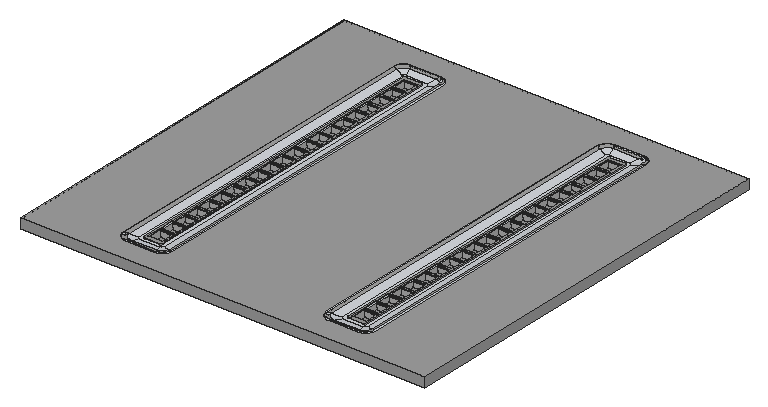
Revit family "0044001 Sylvania Lighting Fixture OptiClip 600 4000K C8 WH DALI WHITE", category Lighting Fixtures, host Face, Revit 2016
Family settings
  Host = Face
  Part Type = Normal
  Round Connector Dimension = Use Diameter
  OmniClass Number = 23.80.70.00
  OmniClass Title = Lighting
  Cut with Voids When Loaded = No
  Light Source = Yes
  Shared = No
  Room Calculation Point = No
Parameters (values of type "Type Name")
  spacer height = 5 mm
  spacer centres = 1000 mm
  height = 14.63 mm
  cut out width = 590 mm
  cut out length = 590 mm
  Width = 595 mm
  Weight = ""
  Wattage Comments = ""
  Wattage = 9.2903 W
  WarrantyStartDate [instance] = "n/a"
  WarrantyGuarantorParts = "n/a"
  WarrantyDurationUnit = "n/a"
  WarrantyDurationParts = "n/a"
  WarrantyDescription = "n/a"
  built-in parameter 1150110 = 1 (stored number, unit not read)
  Voltage = 0 V
  URL = "http://www.feilosylvania.com"
  TypeName = ""
  Type Image = <None>
  Type Comments = "n/a"
  built-in parameter 1114217 = 1 (stored number, unit not read)
  Tilt Angle = 90.00°
  built-in parameter 1150109 = 1 (stored number, unit not read)
  built-in parameter 1150134 = 3
  built-in parameter 1150113 = 1 (stored number, unit not read)
  SerialNumber [instance] = "n/a"
  Photometric Web File = "0044001.ies"
  Material_3_FEILO = none
  PowerFactor = 0
  PowerConsumption = ""
  NominalLength = 0 mm
  NominalHeight = 0 mm
  NominalDepth = 0 mm
  Name = ""
  ModelReference = Name  # ""
  ModelNumber = ""
  Model = Name  # ""
  Material = ""
  ManufacturerName = "Feilo Sylvania"
  Manufacturer = "Feilo Sylvania"
  LuminousEfficacy = ""
  built-in parameter 1150105 = 109.82 (stored number, unit not read)
  Lumens = 1380 lm
  LuminaireType = ""
  built-in parameter 1150115 = 1 (stored number, unit not read)
  LightOutputRatio = ""
  built-in parameter 1150137 = (empty or 0)
  built-in parameter 1150139 = (empty or 0)
  Length = 595 mm
  LampsType = Lamp  # ""
  LampNominalLuminous = ""
  LampMacAdamStep = ""
  LampColourTemperature = ""
  LampColourRenderingIndex = ""
  built-in parameter 1150112 = 1 (stored number, unit not read)
  built-in parameter 1150114 = 1 (stored number, unit not read)
  Lamp = ""
  Keynote = "16500"
  InstallationDate [instance] = "n/a"
  InputVoltage = ""
  InputNominalFrequency = ""
  built-in parameter 1150132 = (empty or 0)
  built-in parameter 1150102 = (empty or 0)
  built-in parameter 1150107 = 3200 (stored number, unit not read)
  built-in parameter 1150138 = (empty or 0)
  IngressProtection = ""
  ImpactProtectionIndex = ""
  built-in parameter 1150106 = 1.0982 (stored number, unit not read)
  IfcExportType = "IfcLightFixtureType"
  IfcExportAs = "IfcLightFixtureType"
  Height = 50 mm
  ExpectedLife = 50000
  Emit from Circle Diameter = 609.6 mm
  Emit Shape Visible in Rendering = no
  ElectricShockClassification = ""
  built-in parameter 1150104 = 13.8 (stored number, unit not read)
  DurationUnit = "hours"
  DocumentationLiterature = ""
  DimmingControlOptions = ""
  Material_2_FEILO = none
  Dimming Lamp Color Temperature Shift = <None>
  Description = ""
  Default Elevation = 1219.2 mm
  CreatedOn = ""
  CreatedBy = ""
  Cost = 0
  Color Filter = 16777215
  built-in parameter 1114216 [instance] = (empty or 0)
  ClassificationValue = "EF_70_80"
  ClassificationName = "Uniclass2015"
  Material_1_FEILO = none
  BarCode [instance] = "n/a"
  built-in parameter 1114218 = 1 (stored number, unit not read)
  built-in parameter 1150133 = 10 (stored number, unit not read)
  AssetType = ""
  AssetIdentifier [instance] = "n/a"
  Assembly Code = "D5020200"
  Apparent Load = 0 VA
  Material_4_FEILO = none
Reference planes
  plane 1 "Center (Front/Back)": y = 0
  plane 2: z = 0
  plane 3 "Center (Left/Right)": x = 0
  plane 4: z = 0
  plane 5: y = 297.5
  plane 6: y = -297.5
  plane 7: x = -297.5
  plane 8: x = 297.5
  plane 9: x = -295
  plane 10: x = 295
  plane 11: y = 295
  plane 12: y = -295
  plane 13: z = -14.63
  plane 14: y = 296.5
  plane 15: x = -296.5
  plane 16: x = 296.5
  plane 17: y = -296.5
  plane 18: x = -185
  plane 19: x = -113
  plane 20: y = -246.5
  plane 21: x = -184
  plane 22: y = 262
  plane 23: x = -114
  plane 24: y = -262
  plane 25: y = 245.5
  plane 26: y = -245.345
  plane 27: x = -160
  plane 28: x = -138
  plane 29: y = 236.5
  plane 30: y = -236.345
  plane 31: y = 213.35
  plane 32: y = 212.35
  plane 33: y = 190.95
  plane 34: y = 189.95
  plane 35: y = 168.595
  plane 36: y = 167.595
  plane 37: y = 146.15
  plane 38: y = 145.15
  plane 39: y = 123.75
  plane 40: y = 122.75
  plane 41: y = 101.35
  plane 42: y = 100.35
  plane 43: y = 78.95
  plane 44: y = 77.95
  plane 45: y = 56.576
  plane 46: y = 55.576
  plane 47: y = 34.15
  plane 48: y = 33.15
  plane 49: y = 11.75
  plane 50: y = 10.75
  plane 51: y = -10.65
  plane 52: y = -11.65
  plane 53: y = -33.05
  plane 54: y = -34.05
  plane 55: y = -55.45
  plane 56: y = -56.45
  plane 57: y = -77.805
  plane 58: y = -78.805
  plane 59: y = -100.25
  plane 60: y = -101.25
  plane 61: y = -122.65
  plane 62: y = -123.65
  plane 63: y = -145.05
  plane 64: y = -146.05
  plane 65: y = -167.45
  plane 66: y = -168.416
  plane 67: y = -189.816
  plane 68: y = -190.816
  plane 69: y = -212.216
  plane 70: y = -213.216
  plane 71: y = -234.616
  plane 72: x = -159.5
  plane 73: x = -138.539
  plane 74: y = 230.05
  plane 75: y = 218.05
  plane 76: x = -143.039
  plane 77: x = -155
  plane 78: x = -162.5
  plane 79: x = -135.5
  plane 80: y = 240.5
  plane 81: y = -240.345
  plane 82: y = 238
Forms (mm)
  Extrusion 1, void, detail levels medium+fine
    sketch origin (4.2, 0, 0) x (0, 1, 0) y (1, 0, 0)
      loop
        line (295, -299.2) -> (295, 290.8) -> (-295, 290.8) -> (-295, -299.2) -> (295, -299.2)
    from 0 to 10
  Extrusion 2, solid, material "Default", detail levels medium+fine
    sketch origin (4.2, 0, 0) x (1, 0, 0) y (0, 1, 0)
      loop
        line (-301.7, 297.5) -> (-301.7, -297.5) -> (293.3, -297.5) -> (293.3, 297.5) -> (-301.7, 297.5)
    from 0 to -14.63
  Extrusion 3, void, detail levels medium+fine
    sketch origin (4.2, 0, 0) x (0, 1, 0) y (1, 0, 0)
      loop
        line (296.5, -300.7) -> (296.5, 292.3) -> (-296.5, 292.3) -> (-296.5, -300.7) -> (296.5, -300.7)
    from 1.008 to 14.63
  Blend 4, solid, detail levels medium+fine
    base sketch origin (4.2, 0, 0) x (1, 0, 0) y (0, 1, 0)
      loop
        line (-189.2, 248) -> (-189.2, -248)
        arc (-189.2, -248) -> (-184.807, -258.607) -> (-174.2, -263) r 15
        line (-174.2, -263) -> (-132.2, -263)
        arc (-132.2, -263) -> (-121.593, -258.607) -> (-117.2, -248) r 15
        line (-117.2, -248) -> (-117.2, 248)
        arc (-117.2, 248) -> (-121.593, 258.607) -> (-132.2, 263) r 15
        line (-132.2, 263) -> (-174.2, 263)
        arc (-174.2, 263) -> (-184.807, 258.607) -> (-189.2, 248) r 15
    top sketch origin (4.2, 0, 0) x (1, 0, 0) y (0, 1, 0)
      loop
        line (-172.7, 242.5) -> (-172.7, -242.5)
        arc (-172.7, -242.5) -> (-171.517, -245.34) -> (-168.667, -246.5) r 4
        line (-168.667, -246.5) -> (-137.633, -246.5)
        arc (-137.633, -246.5) -> (-134.828, -245.324) -> (-133.7, -242.5) r 3.934
        line (-133.7, -242.5) -> (-133.7, 242.5)
        arc (-133.7, 242.5) -> (-134.982, 245.439) -> (-138.008, 246.5) r 4.011
        line (-138.008, 246.5) -> (-168.7, 246.5)
        arc (-168.7, 246.5) -> (-171.528, 245.328) -> (-172.7, 242.5) r 4
    from 0 to -4
  Blend 5, void
    base sketch origin (4.2, 0, 0) x (0, 1, 0) y (-1, 0, 0)
      loop
        line (248, 188.2) -> (-248, 188.2)
        arc (-248, 188.2) -> (-257.899, 184.099) -> (-262, 174.2) r 14
        line (-262, 174.2) -> (-262, 132.2)
        arc (-262, 132.2) -> (-257.899, 122.301) -> (-248, 118.2) r 14
        line (-248, 118.2) -> (248, 118.2)
        arc (248, 118.2) -> (257.899, 122.301) -> (262, 132.2) r 14
        line (262, 132.2) -> (262, 174.2)
        arc (262, 174.2) -> (257.899, 184.099) -> (248, 188.2) r 14
    top sketch origin (4.2, 0, 0) x (0, 1, 0) y (-1, 0, 0)
      loop
        line (242.5, 171.7) -> (-242.5, 171.7)
        arc (-242.5, 171.7) -> (-244.579, 170.8) -> (-245.345, 168.667) r 2.851
        line (-245.345, 168.667) -> (-245.345, 137.633)
        arc (-245.345, 137.633) -> (-244.517, 135.59) -> (-242.5, 134.7) r 2.934
        line (-242.5, 134.7) -> (242.5, 134.7)
        arc (242.5, 134.7) -> (244.733, 135.69) -> (245.5, 138.008) r 3.014
        line (245.5, 138.008) -> (245.5, 168.7)
        arc (245.5, 168.7) -> (244.621, 170.821) -> (242.5, 171.7) r 3
    from 0 to -3.5
  Extrusion 6, solid, material "Aluminum 1100-H18", detail levels medium+fine
    sketch origin (4.2, 0, 0) x (1, 0, 0) y (0, 1, 0)
      loop
        line (-164.2, 236.5) -> (-164.2, -236.345) -> (-142.2, -236.345) -> (-142.2, 236.5) -> (-164.2, 236.5)
    from -4 to -14.63
  Extrusion 7, solid, material "Aluminum 1100-H18", detail levels medium+fine
    sketch origin (4.2, 0, 0) x (1, 0, 0) y (0, 1, 0)
      loop
        line (-166.7, 238) -> (-166.7, -238.071)
        arc (-166.7, -238.071) -> (-165.953, -239.761) -> (-164.2, -240.345) r 2.284
        line (-164.2, -240.345) -> (-142.156, -240.345)
        arc (-142.156, -240.345) -> (-140.483, -239.689) -> (-139.7, -238.071) r 2.464
        line (-139.7, -238.071) -> (-139.7, 238)
        arc (-139.7, 238) -> (-140.432, 239.768) -> (-142.2, 240.5) r 2.5
        line (-142.2, 240.5) -> (-164.2, 240.5)
        arc (-164.2, 240.5) -> (-165.968, 239.768) -> (-166.7, 238) r 2.5
    from -3.5 to -2.5
  Blend 8, void
    base sketch origin (4.2, 0, 0) x (0, 1, 0) y (-1, 0, 0)
      loop
        line (234.75, 163.7) -> (213.35, 163.7) -> (213.35, 142.739) -> (234.75, 142.739) -> (234.75, 163.7)
    top sketch origin (4.2, 0, 0) x (0, 1, 0) y (-1, 0, 0)
      loop
        line (230.05, 159.2) -> (218.05, 159.2) -> (218.05, 147.239) -> (230.05, 147.239) -> (230.05, 159.2)
    from -2.5 to -11
  Blend 9, void
    base sketch origin (4.2, -22.4, 0) x (0, 1, 0) y (-1, 0, 0)
      loop
        line (234.75, 163.7) -> (213.35, 163.7) -> (213.35, 142.739) -> (234.75, 142.739) -> (234.75, 163.7)
    top sketch origin (4.2, -22.4, 0) x (0, 1, 0) y (-1, 0, 0)
      loop
        line (230.05, 159.2) -> (218.05, 159.2) -> (218.05, 147.239) -> (230.05, 147.239) -> (230.05, 159.2)
    from -2.5 to -11
  Blend 10, void
    base sketch origin (4.2, -44.8, 0) x (0, 1, 0) y (-1, 0, 0)
      loop
        line (234.75, 163.7) -> (213.35, 163.7) -> (213.35, 142.739) -> (234.75, 142.739) -> (234.75, 163.7)
    top sketch origin (4.2, -44.8, 0) x (0, 1, 0) y (-1, 0, 0)
      loop
        line (230.05, 159.2) -> (218.05, 159.2) -> (218.05, 147.239) -> (230.05, 147.239) -> (230.05, 159.2)
    from -2.5 to -11
  Blend 11, void
    base sketch origin (4.2, -67.155, 0) x (0, 1, 0) y (-1, 0, 0)
      loop
        line (234.75, 163.7) -> (213.35, 163.7) -> (213.35, 142.739) -> (234.75, 142.739) -> (234.75, 163.7)
    top sketch origin (4.2, -67.155, 0) x (0, 1, 0) y (-1, 0, 0)
      loop
        line (230.05, 159.2) -> (218.05, 159.2) -> (218.05, 147.239) -> (230.05, 147.239) -> (230.05, 159.2)
    from -2.5 to -11
  Blend 12, void
    base sketch origin (4.2, -89.6, 0) x (0, 1, 0) y (-1, 0, 0)
      loop
        line (234.75, 163.7) -> (213.35, 163.7) -> (213.35, 142.739) -> (234.75, 142.739) -> (234.75, 163.7)
    top sketch origin (4.2, -89.6, 0) x (0, 1, 0) y (-1, 0, 0)
      loop
        line (230.05, 159.2) -> (218.05, 159.2) -> (218.05, 147.239) -> (230.05, 147.239) -> (230.05, 159.2)
    from -2.5 to -11
  Blend 13, void
    base sketch origin (4.2, -112, 0) x (0, 1, 0) y (-1, 0, 0)
      loop
        line (234.75, 163.7) -> (213.35, 163.7) -> (213.35, 142.739) -> (234.75, 142.739) -> (234.75, 163.7)
    top sketch origin (4.2, -112, 0) x (0, 1, 0) y (-1, 0, 0)
      loop
        line (230.05, 159.2) -> (218.05, 159.2) -> (218.05, 147.239) -> (230.05, 147.239) -> (230.05, 159.2)
    from -2.5 to -11
  Blend 14, void
    base sketch origin (4.2, -134.4, 0) x (0, 1, 0) y (-1, 0, 0)
      loop
        line (234.75, 163.7) -> (213.35, 163.7) -> (213.35, 142.739) -> (234.75, 142.739) -> (234.75, 163.7)
    top sketch origin (4.2, -134.4, 0) x (0, 1, 0) y (-1, 0, 0)
      loop
        line (230.05, 159.2) -> (218.05, 159.2) -> (218.05, 147.239) -> (230.05, 147.239) -> (230.05, 159.2)
    from -2.5 to -11
  Blend 15, void
    base sketch origin (4.2, -156.8, 0) x (0, 1, 0) y (-1, 0, 0)
      loop
        line (234.75, 163.7) -> (213.35, 163.7) -> (213.35, 142.739) -> (234.75, 142.739) -> (234.75, 163.7)
    top sketch origin (4.2, -156.8, 0) x (0, 1, 0) y (-1, 0, 0)
      loop
        line (230.05, 159.2) -> (218.05, 159.2) -> (218.05, 147.239) -> (230.05, 147.239) -> (230.05, 159.2)
    from -2.5 to -11
  Blend 16, void
    base sketch origin (4.2, -179.174, 0) x (0, 1, 0) y (-1, 0, 0)
      loop
        line (234.75, 163.7) -> (213.35, 163.7) -> (213.35, 142.739) -> (234.75, 142.739) -> (234.75, 163.7)
    top sketch origin (4.2, -179.174, 0) x (0, 1, 0) y (-1, 0, 0)
      loop
        line (230.05, 159.2) -> (218.05, 159.2) -> (218.05, 147.239) -> (230.05, 147.239) -> (230.05, 159.2)
    from -2.5 to -11
  Blend 17, void
    base sketch origin (4.2, -201.6, 0) x (0, 1, 0) y (-1, 0, 0)
      loop
        line (234.75, 163.7) -> (213.35, 163.7) -> (213.35, 142.739) -> (234.75, 142.739) -> (234.75, 163.7)
    top sketch origin (4.2, -201.6, 0) x (0, 1, 0) y (-1, 0, 0)
      loop
        line (230.05, 159.2) -> (218.05, 159.2) -> (218.05, 147.239) -> (230.05, 147.239) -> (230.05, 159.2)
    from -2.5 to -11
  Blend 18, void
    base sketch origin (4.2, -224, 0) x (0, 1, 0) y (-1, 0, 0)
      loop
        line (234.75, 163.7) -> (213.35, 163.7) -> (213.35, 142.739) -> (234.75, 142.739) -> (234.75, 163.7)
    top sketch origin (4.2, -224, 0) x (0, 1, 0) y (-1, 0, 0)
      loop
        line (230.05, 159.2) -> (218.05, 159.2) -> (218.05, 147.239) -> (230.05, 147.239) -> (230.05, 159.2)
    from -2.5 to -11
  Blend 19, void
    base sketch origin (4.2, -246.4, 0) x (0, 1, 0) y (-1, 0, 0)
      loop
        line (234.75, 163.7) -> (213.35, 163.7) -> (213.35, 142.739) -> (234.75, 142.739) -> (234.75, 163.7)
    top sketch origin (4.2, -246.4, 0) x (0, 1, 0) y (-1, 0, 0)
      loop
        line (230.05, 159.2) -> (218.05, 159.2) -> (218.05, 147.239) -> (230.05, 147.239) -> (230.05, 159.2)
    from -2.5 to -11
  Blend 20, void
    base sketch origin (4.2, -268.8, 0) x (0, 1, 0) y (-1, 0, 0)
      loop
        line (234.75, 163.7) -> (213.35, 163.7) -> (213.35, 142.739) -> (234.75, 142.739) -> (234.75, 163.7)
    top sketch origin (4.2, -268.8, 0) x (0, 1, 0) y (-1, 0, 0)
      loop
        line (230.05, 159.2) -> (218.05, 159.2) -> (218.05, 147.239) -> (230.05, 147.239) -> (230.05, 159.2)
    from -2.5 to -11
  Blend 21, void
    base sketch origin (4.2, -291.2, 0) x (0, 1, 0) y (-1, 0, 0)
      loop
        line (234.75, 163.7) -> (213.35, 163.7) -> (213.35, 142.739) -> (234.75, 142.739) -> (234.75, 163.7)
    top sketch origin (4.2, -291.2, 0) x (0, 1, 0) y (-1, 0, 0)
      loop
        line (230.05, 159.2) -> (218.05, 159.2) -> (218.05, 147.239) -> (230.05, 147.239) -> (230.05, 159.2)
    from -2.5 to -11
  Blend 22, void
    base sketch origin (4.2, -313.555, 0) x (0, 1, 0) y (-1, 0, 0)
      loop
        line (234.75, 163.7) -> (213.35, 163.7) -> (213.35, 142.739) -> (234.75, 142.739) -> (234.75, 163.7)
    top sketch origin (4.2, -313.555, 0) x (0, 1, 0) y (-1, 0, 0)
      loop
        line (230.05, 159.2) -> (218.05, 159.2) -> (218.05, 147.239) -> (230.05, 147.239) -> (230.05, 159.2)
    from -2.5 to -11
  Blend 23, void
    base sketch origin (4.2, -336, 0) x (0, 1, 0) y (-1, 0, 0)
      loop
        line (234.75, 163.7) -> (213.35, 163.7) -> (213.35, 142.739) -> (234.75, 142.739) -> (234.75, 163.7)
    top sketch origin (4.2, -336, 0) x (0, 1, 0) y (-1, 0, 0)
      loop
        line (230.05, 159.2) -> (218.05, 159.2) -> (218.05, 147.239) -> (230.05, 147.239) -> (230.05, 159.2)
    from -2.5 to -11
  Blend 24, void
    base sketch origin (4.2, -358.4, 0) x (0, 1, 0) y (-1, 0, 0)
      loop
        line (234.75, 163.7) -> (213.35, 163.7) -> (213.35, 142.739) -> (234.75, 142.739) -> (234.75, 163.7)
    top sketch origin (4.2, -358.4, 0) x (0, 1, 0) y (-1, 0, 0)
      loop
        line (230.05, 159.2) -> (218.05, 159.2) -> (218.05, 147.239) -> (230.05, 147.239) -> (230.05, 159.2)
    from -2.5 to -11
  Blend 25, void
    base sketch origin (4.2, -380.8, 0) x (0, 1, 0) y (-1, 0, 0)
      loop
        line (234.75, 163.7) -> (213.35, 163.7) -> (213.35, 142.739) -> (234.75, 142.739) -> (234.75, 163.7)
    top sketch origin (4.2, -380.8, 0) x (0, 1, 0) y (-1, 0, 0)
      loop
        line (230.05, 159.2) -> (218.05, 159.2) -> (218.05, 147.239) -> (230.05, 147.239) -> (230.05, 159.2)
    from -2.5 to -11
  Extrusion 26, solid, material "Glass, White, High Luminance", detail levels fine
    sketch origin (4.2, 0, 0) x (1, 0, 0) y (0, 1, 0)
      loop
        line (-159.2, 230.05) -> (-159.2, 218.05) -> (-147.239, 218.05) -> (-147.239, 230.05) -> (-159.2, 230.05)
    from -11 to -10
  Extrusion 27, solid, material "Glass, White, High Luminance", detail levels fine
    sketch origin (4.2, -22.4, 0) x (1, 0, 0) y (0, 1, 0)
      loop
        line (-159.2, 230.05) -> (-159.2, 218.05) -> (-147.239, 218.05) -> (-147.239, 230.05) -> (-159.2, 230.05)
    from -11 to -10
  Extrusion 28, solid, material "Glass, White, High Luminance", detail levels fine
    sketch origin (4.2, -44.8, 0) x (1, 0, 0) y (0, 1, 0)
      loop
        line (-159.2, 230.05) -> (-159.2, 218.05) -> (-147.239, 218.05) -> (-147.239, 230.05) -> (-159.2, 230.05)
    from -11 to -10
  Extrusion 29, solid, material "Glass, White, High Luminance", detail levels fine
    sketch origin (4.2, -67.155, 0) x (1, 0, 0) y (0, 1, 0)
      loop
        line (-159.2, 230.05) -> (-159.2, 218.05) -> (-147.239, 218.05) -> (-147.239, 230.05) -> (-159.2, 230.05)
    from -11 to -10
  Extrusion 30, solid, material "Glass, White, High Luminance", detail levels fine
    sketch origin (4.2, -89.6, 0) x (1, 0, 0) y (0, 1, 0)
      loop
        line (-159.2, 230.05) -> (-159.2, 218.05) -> (-147.239, 218.05) -> (-147.239, 230.05) -> (-159.2, 230.05)
    from -11 to -10
  Extrusion 31, solid, material "Glass, White, High Luminance", detail levels fine
    sketch origin (4.2, -112, 0) x (1, 0, 0) y (0, 1, 0)
      loop
        line (-159.2, 230.05) -> (-159.2, 218.05) -> (-147.239, 218.05) -> (-147.239, 230.05) -> (-159.2, 230.05)
    from -11 to -10
  Extrusion 32, solid, material "Glass, White, High Luminance", detail levels fine
    sketch origin (4.2, -134.4, 0) x (1, 0, 0) y (0, 1, 0)
      loop
        line (-159.2, 230.05) -> (-159.2, 218.05) -> (-147.239, 218.05) -> (-147.239, 230.05) -> (-159.2, 230.05)
    from -11 to -10
  Extrusion 33, solid, material "Glass, White, High Luminance", detail levels fine
    sketch origin (4.2, -156.8, 0) x (1, 0, 0) y (0, 1, 0)
      loop
        line (-159.2, 230.05) -> (-159.2, 218.05) -> (-147.239, 218.05) -> (-147.239, 230.05) -> (-159.2, 230.05)
    from -11 to -10
  Extrusion 34, solid, material "Glass, White, High Luminance", detail levels fine
    sketch origin (4.2, -179.174, 0) x (1, 0, 0) y (0, 1, 0)
      loop
        line (-159.2, 230.05) -> (-159.2, 218.05) -> (-147.239, 218.05) -> (-147.239, 230.05) -> (-159.2, 230.05)
    from -11 to -10
  Extrusion 35, solid, material "Glass, White, High Luminance", detail levels fine
    sketch origin (4.2, -201.6, 0) x (1, 0, 0) y (0, 1, 0)
      loop
        line (-159.2, 230.05) -> (-159.2, 218.05) -> (-147.239, 218.05) -> (-147.239, 230.05) -> (-159.2, 230.05)
    from -11 to -10
  Extrusion 36, solid, material "Glass, White, High Luminance", detail levels fine
    sketch origin (4.2, -224, 0) x (1, 0, 0) y (0, 1, 0)
      loop
        line (-159.2, 230.05) -> (-159.2, 218.05) -> (-147.239, 218.05) -> (-147.239, 230.05) -> (-159.2, 230.05)
    from -11 to -10
  Extrusion 37, solid, material "Glass, White, High Luminance", detail levels fine
    sketch origin (4.2, -246.4, 0) x (1, 0, 0) y (0, 1, 0)
      loop
        line (-159.2, 230.05) -> (-159.2, 218.05) -> (-147.239, 218.05) -> (-147.239, 230.05) -> (-159.2, 230.05)
    from -11 to -10
  Extrusion 38, solid, material "Glass, White, High Luminance", detail levels fine
    sketch origin (4.2, -268.8, 0) x (1, 0, 0) y (0, 1, 0)
      loop
        line (-159.2, 230.05) -> (-159.2, 218.05) -> (-147.239, 218.05) -> (-147.239, 230.05) -> (-159.2, 230.05)
    from -11 to -10
  Extrusion 39, solid, material "Glass, White, High Luminance", detail levels fine
    sketch origin (4.2, -291.2, 0) x (1, 0, 0) y (0, 1, 0)
      loop
        line (-159.2, 230.05) -> (-159.2, 218.05) -> (-147.239, 218.05) -> (-147.239, 230.05) -> (-159.2, 230.05)
    from -11 to -10
  Extrusion 40, solid, material "Glass, White, High Luminance", detail levels fine
    sketch origin (4.2, -313.555, 0) x (1, 0, 0) y (0, 1, 0)
      loop
        line (-159.2, 230.05) -> (-159.2, 218.05) -> (-147.239, 218.05) -> (-147.239, 230.05) -> (-159.2, 230.05)
    from -11 to -10
  Extrusion 41, solid, material "Glass, White, High Luminance", detail levels fine
    sketch origin (4.2, -336, 0) x (1, 0, 0) y (0, 1, 0)
      loop
        line (-159.2, 230.05) -> (-159.2, 218.05) -> (-147.239, 218.05) -> (-147.239, 230.05) -> (-159.2, 230.05)
    from -11 to -10
  Extrusion 42, solid, material "Glass, White, High Luminance", detail levels fine
    sketch origin (4.2, -358.4, 0) x (1, 0, 0) y (0, 1, 0)
      loop
        line (-159.2, 230.05) -> (-159.2, 218.05) -> (-147.239, 218.05) -> (-147.239, 230.05) -> (-159.2, 230.05)
    from -11 to -10
  Extrusion 43, solid, material "Glass, White, High Luminance", detail levels fine
    sketch origin (4.2, -380.8, 0) x (1, 0, 0) y (0, 1, 0)
      loop
        line (-159.2, 230.05) -> (-159.2, 218.05) -> (-147.239, 218.05) -> (-147.239, 230.05) -> (-159.2, 230.05)
    from -11 to -10
  Extrusion 44, solid, material "Glass, White, High Luminance", detail levels fine
    sketch origin (3.419, -403.166, 0) x (1, 0, 0) y (0, 1, 0)
      loop
        line (-158.419, 230.05) -> (-158.419, 218.05) -> (-146.458, 218.05) -> (-146.458, 230.05) -> (-158.419, 230.05)
    from -11 to -10
  Extrusion 45, solid, material "Glass, White, High Luminance", detail levels fine
    sketch origin (3.419, -425.566, 0) x (1, 0, 0) y (0, 1, 0)
      loop
        line (-158.419, 230.05) -> (-158.419, 218.05) -> (-146.458, 218.05) -> (-146.458, 230.05) -> (-158.419, 230.05)
    from -11 to -10
  Extrusion 46, solid, material "Glass, White, High Luminance", detail levels fine
    sketch origin (3.419, -447.966, 0) x (1, 0, 0) y (0, 1, 0)
      loop
        line (-158.419, 230.05) -> (-158.419, 218.05) -> (-146.458, 218.05) -> (-146.458, 230.05) -> (-158.419, 230.05)
    from -11 to -10
  Blend 47, solid, detail levels medium+fine
    base sketch origin (303.2, 0, 0) x (1, 0, 0) y (0, 1, 0)
      loop
        line (-189.2, 248) -> (-189.2, -248)
        arc (-189.2, -248) -> (-184.807, -258.607) -> (-174.2, -263) r 15
        line (-174.2, -263) -> (-132.2, -263)
        arc (-132.2, -263) -> (-121.593, -258.607) -> (-117.2, -248) r 15
        line (-117.2, -248) -> (-117.2, 248)
        arc (-117.2, 248) -> (-121.593, 258.607) -> (-132.2, 263) r 15
        line (-132.2, 263) -> (-174.2, 263)
        arc (-174.2, 263) -> (-184.807, 258.607) -> (-189.2, 248) r 15
    top sketch origin (303.2, 0, 0) x (1, 0, 0) y (0, 1, 0)
      loop
        line (-172.7, 242.5) -> (-172.7, -242.5)
        arc (-172.7, -242.5) -> (-171.517, -245.34) -> (-168.667, -246.5) r 4
        line (-168.667, -246.5) -> (-137.633, -246.5)
        arc (-137.633, -246.5) -> (-134.828, -245.324) -> (-133.7, -242.5) r 3.934
        line (-133.7, -242.5) -> (-133.7, 242.5)
        arc (-133.7, 242.5) -> (-134.982, 245.439) -> (-138.008, 246.5) r 4.011
        line (-138.008, 246.5) -> (-168.7, 246.5)
        arc (-168.7, 246.5) -> (-171.528, 245.328) -> (-172.7, 242.5) r 4
    from 0 to -4
  Blend 48, void
    base sketch origin (303.2, 0, 0) x (0, 1, 0) y (-1, 0, 0)
      loop
        line (248, 188.2) -> (-248, 188.2)
        arc (-248, 188.2) -> (-257.899, 184.099) -> (-262, 174.2) r 14
        line (-262, 174.2) -> (-262, 132.2)
        arc (-262, 132.2) -> (-257.899, 122.301) -> (-248, 118.2) r 14
        line (-248, 118.2) -> (248, 118.2)
        arc (248, 118.2) -> (257.899, 122.301) -> (262, 132.2) r 14
        line (262, 132.2) -> (262, 174.2)
        arc (262, 174.2) -> (257.899, 184.099) -> (248, 188.2) r 14
    top sketch origin (303.2, 0, 0) x (0, 1, 0) y (-1, 0, 0)
      loop
        line (242.5, 171.7) -> (-242.5, 171.7)
        arc (-242.5, 171.7) -> (-244.579, 170.8) -> (-245.345, 168.667) r 2.851
        line (-245.345, 168.667) -> (-245.345, 137.633)
        arc (-245.345, 137.633) -> (-244.517, 135.59) -> (-242.5, 134.7) r 2.934
        line (-242.5, 134.7) -> (242.5, 134.7)
        arc (242.5, 134.7) -> (244.733, 135.69) -> (245.5, 138.008) r 3.014
        line (245.5, 138.008) -> (245.5, 168.7)
        arc (245.5, 168.7) -> (244.621, 170.821) -> (242.5, 171.7) r 3
    from 0 to -3.5
  Extrusion 49, solid, material "Aluminum 1100-H18", detail levels medium+fine
    sketch origin (304.2, 0, 0) x (1, 0, 0) y (0, 1, 0)
      loop
        line (-164.2, 236.5) -> (-164.2, -236.345) -> (-142.2, -236.345) -> (-142.2, 236.5) -> (-164.2, 236.5)
    from -4 to -14.63
  Blend 50, void
    base sketch origin (4.2, -403.166, 0) x (0, 1, 0) y (-1, 0, 0)
      loop
        line (234.75, 163.7) -> (213.35, 163.7) -> (213.35, 142.739) -> (234.75, 142.739) -> (234.75, 163.7)
    top sketch origin (4.2, -403.166, 0) x (0, 1, 0) y (-1, 0, 0)
      loop
        line (230.05, 159.2) -> (218.05, 159.2) -> (218.05, 147.239) -> (230.05, 147.239) -> (230.05, 159.2)
    from -2.5 to -11
  Blend 51, void
    base sketch origin (4.2, -425.566, 0) x (0, 1, 0) y (-1, 0, 0)
      loop
        line (234.75, 163.7) -> (213.35, 163.7) -> (213.35, 142.739) -> (234.75, 142.739) -> (234.75, 163.7)
    top sketch origin (4.2, -425.566, 0) x (0, 1, 0) y (-1, 0, 0)
      loop
        line (230.05, 159.2) -> (218.05, 159.2) -> (218.05, 147.239) -> (230.05, 147.239) -> (230.05, 159.2)
    from -2.5 to -11
  Blend 52, void
    base sketch origin (4.2, -447.966, 0) x (0, 1, 0) y (-1, 0, 0)
      loop
        line (234.75, 163.7) -> (213.35, 163.7) -> (213.35, 142.739) -> (234.75, 142.739) -> (234.75, 163.7)
    top sketch origin (4.2, -447.966, 0) x (0, 1, 0) y (-1, 0, 0)
      loop
        line (230.05, 159.2) -> (218.05, 159.2) -> (218.05, 147.239) -> (230.05, 147.239) -> (230.05, 159.2)
    from -2.5 to -11
  Extrusion 53, solid, material "Aluminum 1100-H18", detail levels medium+fine
    sketch origin (304.2, 0, 0) x (1, 0, 0) y (0, 1, 0)
      loop
        line (-166.7, 238) -> (-166.7, -238.071)
        arc (-166.7, -238.071) -> (-165.953, -239.761) -> (-164.2, -240.345) r 2.284
        line (-164.2, -240.345) -> (-142.156, -240.345)
        arc (-142.156, -240.345) -> (-140.483, -239.689) -> (-139.7, -238.071) r 2.464
        line (-139.7, -238.071) -> (-139.7, 238)
        arc (-139.7, 238) -> (-140.432, 239.768) -> (-142.2, 240.5) r 2.5
        line (-142.2, 240.5) -> (-164.2, 240.5)
        arc (-164.2, 240.5) -> (-165.968, 239.768) -> (-166.7, 238) r 2.5
    from -3.5 to -2.5
  Blend 54, void
    base sketch origin (304.2, 0, 0) x (0, 1, 0) y (-1, 0, 0)
      loop
        line (234.75, 163.7) -> (213.35, 163.7) -> (213.35, 142.739) -> (234.75, 142.739) -> (234.75, 163.7)
    top sketch origin (304.2, 0, 0) x (0, 1, 0) y (-1, 0, 0)
      loop
        line (230.05, 159.2) -> (218.05, 159.2) -> (218.05, 147.239) -> (230.05, 147.239) -> (230.05, 159.2)
    from -2.5 to -11
  Blend 55, void
    base sketch origin (304.2, -22.4, 0) x (0, 1, 0) y (-1, 0, 0)
      loop
        line (234.75, 163.7) -> (213.35, 163.7) -> (213.35, 142.739) -> (234.75, 142.739) -> (234.75, 163.7)
    top sketch origin (304.2, -22.4, 0) x (0, 1, 0) y (-1, 0, 0)
      loop
        line (230.05, 159.2) -> (218.05, 159.2) -> (218.05, 147.239) -> (230.05, 147.239) -> (230.05, 159.2)
    from -2.5 to -11
  Blend 56, void
    base sketch origin (304.2, -44.8, 0) x (0, 1, 0) y (-1, 0, 0)
      loop
        line (234.75, 163.7) -> (213.35, 163.7) -> (213.35, 142.739) -> (234.75, 142.739) -> (234.75, 163.7)
    top sketch origin (304.2, -44.8, 0) x (0, 1, 0) y (-1, 0, 0)
      loop
        line (230.05, 159.2) -> (218.05, 159.2) -> (218.05, 147.239) -> (230.05, 147.239) -> (230.05, 159.2)
    from -2.5 to -11
  Blend 57, void
    base sketch origin (304.2, -67.155, 0) x (0, 1, 0) y (-1, 0, 0)
      loop
        line (234.75, 163.7) -> (213.35, 163.7) -> (213.35, 142.739) -> (234.75, 142.739) -> (234.75, 163.7)
    top sketch origin (304.2, -67.155, 0) x (0, 1, 0) y (-1, 0, 0)
      loop
        line (230.05, 159.2) -> (218.05, 159.2) -> (218.05, 147.239) -> (230.05, 147.239) -> (230.05, 159.2)
    from -2.5 to -11
  Blend 58, void
    base sketch origin (304.2, -89.6, 0) x (0, 1, 0) y (-1, 0, 0)
      loop
        line (234.75, 163.7) -> (213.35, 163.7) -> (213.35, 142.739) -> (234.75, 142.739) -> (234.75, 163.7)
    top sketch origin (304.2, -89.6, 0) x (0, 1, 0) y (-1, 0, 0)
      loop
        line (230.05, 159.2) -> (218.05, 159.2) -> (218.05, 147.239) -> (230.05, 147.239) -> (230.05, 159.2)
    from -2.5 to -11
  Blend 59, void
    base sketch origin (304.2, -112, 0) x (0, 1, 0) y (-1, 0, 0)
      loop
        line (234.75, 163.7) -> (213.35, 163.7) -> (213.35, 142.739) -> (234.75, 142.739) -> (234.75, 163.7)
    top sketch origin (304.2, -112, 0) x (0, 1, 0) y (-1, 0, 0)
      loop
        line (230.05, 159.2) -> (218.05, 159.2) -> (218.05, 147.239) -> (230.05, 147.239) -> (230.05, 159.2)
    from -2.5 to -11
  Blend 60, void
    base sketch origin (304.2, -134.4, 0) x (0, 1, 0) y (-1, 0, 0)
      loop
        line (234.75, 163.7) -> (213.35, 163.7) -> (213.35, 142.739) -> (234.75, 142.739) -> (234.75, 163.7)
    top sketch origin (304.2, -134.4, 0) x (0, 1, 0) y (-1, 0, 0)
      loop
        line (230.05, 159.2) -> (218.05, 159.2) -> (218.05, 147.239) -> (230.05, 147.239) -> (230.05, 159.2)
    from -2.5 to -11
  Blend 61, void
    base sketch origin (304.2, -156.8, 0) x (0, 1, 0) y (-1, 0, 0)
      loop
        line (234.75, 163.7) -> (213.35, 163.7) -> (213.35, 142.739) -> (234.75, 142.739) -> (234.75, 163.7)
    top sketch origin (304.2, -156.8, 0) x (0, 1, 0) y (-1, 0, 0)
      loop
        line (230.05, 159.2) -> (218.05, 159.2) -> (218.05, 147.239) -> (230.05, 147.239) -> (230.05, 159.2)
    from -2.5 to -11
  Blend 62, void
    base sketch origin (304.2, -179.174, 0) x (0, 1, 0) y (-1, 0, 0)
      loop
        line (234.75, 163.7) -> (213.35, 163.7) -> (213.35, 142.739) -> (234.75, 142.739) -> (234.75, 163.7)
    top sketch origin (304.2, -179.174, 0) x (0, 1, 0) y (-1, 0, 0)
      loop
        line (230.05, 159.2) -> (218.05, 159.2) -> (218.05, 147.239) -> (230.05, 147.239) -> (230.05, 159.2)
    from -2.5 to -11
  Blend 63, void
    base sketch origin (304.2, -201.6, 0) x (0, 1, 0) y (-1, 0, 0)
      loop
        line (234.75, 163.7) -> (213.35, 163.7) -> (213.35, 142.739) -> (234.75, 142.739) -> (234.75, 163.7)
    top sketch origin (304.2, -201.6, 0) x (0, 1, 0) y (-1, 0, 0)
      loop
        line (230.05, 159.2) -> (218.05, 159.2) -> (218.05, 147.239) -> (230.05, 147.239) -> (230.05, 159.2)
    from -2.5 to -11
  Blend 64, void
    base sketch origin (304.2, -224, 0) x (0, 1, 0) y (-1, 0, 0)
      loop
        line (234.75, 163.7) -> (213.35, 163.7) -> (213.35, 142.739) -> (234.75, 142.739) -> (234.75, 163.7)
    top sketch origin (304.2, -224, 0) x (0, 1, 0) y (-1, 0, 0)
      loop
        line (230.05, 159.2) -> (218.05, 159.2) -> (218.05, 147.239) -> (230.05, 147.239) -> (230.05, 159.2)
    from -2.5 to -11
  Blend 65, void
    base sketch origin (304.2, -246.4, 0) x (0, 1, 0) y (-1, 0, 0)
      loop
        line (234.75, 163.7) -> (213.35, 163.7) -> (213.35, 142.739) -> (234.75, 142.739) -> (234.75, 163.7)
    top sketch origin (304.2, -246.4, 0) x (0, 1, 0) y (-1, 0, 0)
      loop
        line (230.05, 159.2) -> (218.05, 159.2) -> (218.05, 147.239) -> (230.05, 147.239) -> (230.05, 159.2)
    from -2.5 to -11
  Blend 66, void
    base sketch origin (304.2, -268.8, 0) x (0, 1, 0) y (-1, 0, 0)
      loop
        line (234.75, 163.7) -> (213.35, 163.7) -> (213.35, 142.739) -> (234.75, 142.739) -> (234.75, 163.7)
    top sketch origin (304.2, -268.8, 0) x (0, 1, 0) y (-1, 0, 0)
      loop
        line (230.05, 159.2) -> (218.05, 159.2) -> (218.05, 147.239) -> (230.05, 147.239) -> (230.05, 159.2)
    from -2.5 to -11
  Blend 67, void
    base sketch origin (304.2, -291.2, 0) x (0, 1, 0) y (-1, 0, 0)
      loop
        line (234.75, 163.7) -> (213.35, 163.7) -> (213.35, 142.739) -> (234.75, 142.739) -> (234.75, 163.7)
    top sketch origin (304.2, -291.2, 0) x (0, 1, 0) y (-1, 0, 0)
      loop
        line (230.05, 159.2) -> (218.05, 159.2) -> (218.05, 147.239) -> (230.05, 147.239) -> (230.05, 159.2)
    from -2.5 to -11
  Blend 68, void
    base sketch origin (304.2, -313.555, 0) x (0, 1, 0) y (-1, 0, 0)
      loop
        line (234.75, 163.7) -> (213.35, 163.7) -> (213.35, 142.739) -> (234.75, 142.739) -> (234.75, 163.7)
    top sketch origin (304.2, -313.555, 0) x (0, 1, 0) y (-1, 0, 0)
      loop
        line (230.05, 159.2) -> (218.05, 159.2) -> (218.05, 147.239) -> (230.05, 147.239) -> (230.05, 159.2)
    from -2.5 to -11
  Blend 69, void
    base sketch origin (304.2, -336, 0) x (0, 1, 0) y (-1, 0, 0)
      loop
        line (234.75, 163.7) -> (213.35, 163.7) -> (213.35, 142.739) -> (234.75, 142.739) -> (234.75, 163.7)
    top sketch origin (304.2, -336, 0) x (0, 1, 0) y (-1, 0, 0)
      loop
        line (230.05, 159.2) -> (218.05, 159.2) -> (218.05, 147.239) -> (230.05, 147.239) -> (230.05, 159.2)
    from -2.5 to -11
  Blend 70, void
    base sketch origin (304.2, -358.4, 0) x (0, 1, 0) y (-1, 0, 0)
      loop
        line (234.75, 163.7) -> (213.35, 163.7) -> (213.35, 142.739) -> (234.75, 142.739) -> (234.75, 163.7)
    top sketch origin (304.2, -358.4, 0) x (0, 1, 0) y (-1, 0, 0)
      loop
        line (230.05, 159.2) -> (218.05, 159.2) -> (218.05, 147.239) -> (230.05, 147.239) -> (230.05, 159.2)
    from -2.5 to -11
  Blend 71, void
    base sketch origin (304.2, -380.8, 0) x (0, 1, 0) y (-1, 0, 0)
      loop
        line (234.75, 163.7) -> (213.35, 163.7) -> (213.35, 142.739) -> (234.75, 142.739) -> (234.75, 163.7)
    top sketch origin (304.2, -380.8, 0) x (0, 1, 0) y (-1, 0, 0)
      loop
        line (230.05, 159.2) -> (218.05, 159.2) -> (218.05, 147.239) -> (230.05, 147.239) -> (230.05, 159.2)
    from -2.5 to -11
  Blend 72, void
    base sketch origin (304.2, -403.166, 0) x (0, 1, 0) y (-1, 0, 0)
      loop
        line (234.75, 163.7) -> (213.35, 163.7) -> (213.35, 142.739) -> (234.75, 142.739) -> (234.75, 163.7)
    top sketch origin (304.2, -403.166, 0) x (0, 1, 0) y (-1, 0, 0)
      loop
        line (230.05, 159.2) -> (218.05, 159.2) -> (218.05, 147.239) -> (230.05, 147.239) -> (230.05, 159.2)
    from -2.5 to -11
  Blend 73, void
    base sketch origin (304.2, -425.566, 0) x (0, 1, 0) y (-1, 0, 0)
      loop
        line (234.75, 163.7) -> (213.35, 163.7) -> (213.35, 142.739) -> (234.75, 142.739) -> (234.75, 163.7)
    top sketch origin (304.2, -425.566, 0) x (0, 1, 0) y (-1, 0, 0)
      loop
        line (230.05, 159.2) -> (218.05, 159.2) -> (218.05, 147.239) -> (230.05, 147.239) -> (230.05, 159.2)
    from -2.5 to -11
  Blend 74, void
    base sketch origin (304.2, -447.966, 0) x (0, 1, 0) y (-1, 0, 0)
      loop
        line (234.75, 163.7) -> (213.35, 163.7) -> (213.35, 142.739) -> (234.75, 142.739) -> (234.75, 163.7)
    top sketch origin (304.2, -447.966, 0) x (0, 1, 0) y (-1, 0, 0)
      loop
        line (230.05, 159.2) -> (218.05, 159.2) -> (218.05, 147.239) -> (230.05, 147.239) -> (230.05, 159.2)
    from -2.5 to -11
  Extrusion 75, solid, material "Glass, White, High Luminance", detail levels fine
    sketch origin (304.2, 0, 0) x (1, 0, 0) y (0, 1, 0)
      loop
        line (-159.2, 230.05) -> (-159.2, 218.05) -> (-147.239, 218.05) -> (-147.239, 230.05) -> (-159.2, 230.05)
    from -11 to -10
  Extrusion 76, solid, material "Glass, White, High Luminance", detail levels fine
    sketch origin (304.2, -22.4, 0) x (1, 0, 0) y (0, 1, 0)
      loop
        line (-159.2, 230.05) -> (-159.2, 218.05) -> (-147.239, 218.05) -> (-147.239, 230.05) -> (-159.2, 230.05)
    from -11 to -10
  Extrusion 77, solid, material "Glass, White, High Luminance", detail levels fine
    sketch origin (304.2, -44.8, 0) x (1, 0, 0) y (0, 1, 0)
      loop
        line (-159.2, 230.05) -> (-159.2, 218.05) -> (-147.239, 218.05) -> (-147.239, 230.05) -> (-159.2, 230.05)
    from -11 to -10
  Extrusion 78, solid, material "Glass, White, High Luminance", detail levels fine
    sketch origin (304.2, -67.155, 0) x (1, 0, 0) y (0, 1, 0)
      loop
        line (-159.2, 230.05) -> (-159.2, 218.05) -> (-147.239, 218.05) -> (-147.239, 230.05) -> (-159.2, 230.05)
    from -11 to -10
  Extrusion 79, solid, material "Glass, White, High Luminance", detail levels fine
    sketch origin (304.2, -89.6, 0) x (1, 0, 0) y (0, 1, 0)
      loop
        line (-159.2, 230.05) -> (-159.2, 218.05) -> (-147.239, 218.05) -> (-147.239, 230.05) -> (-159.2, 230.05)
    from -11 to -10
  Extrusion 80, solid, material "Glass, White, High Luminance", detail levels fine
    sketch origin (304.2, -112, 0) x (1, 0, 0) y (0, 1, 0)
      loop
        line (-159.2, 230.05) -> (-159.2, 218.05) -> (-147.239, 218.05) -> (-147.239, 230.05) -> (-159.2, 230.05)
    from -11 to -10
  Extrusion 81, solid, material "Glass, White, High Luminance", detail levels fine
    sketch origin (304.2, -134.4, 0) x (1, 0, 0) y (0, 1, 0)
      loop
        line (-159.2, 230.05) -> (-159.2, 218.05) -> (-147.239, 218.05) -> (-147.239, 230.05) -> (-159.2, 230.05)
    from -11 to -10
  Extrusion 82, solid, material "Glass, White, High Luminance", detail levels fine
    sketch origin (304.2, -156.8, 0) x (1, 0, 0) y (0, 1, 0)
      loop
        line (-159.2, 230.05) -> (-159.2, 218.05) -> (-147.239, 218.05) -> (-147.239, 230.05) -> (-159.2, 230.05)
    from -11 to -10
  Extrusion 83, solid, material "Glass, White, High Luminance", detail levels fine
    sketch origin (304.2, -179.174, 0) x (1, 0, 0) y (0, 1, 0)
      loop
        line (-159.2, 230.05) -> (-159.2, 218.05) -> (-147.239, 218.05) -> (-147.239, 230.05) -> (-159.2, 230.05)
    from -11 to -10
  Extrusion 84, solid, material "Glass, White, High Luminance", detail levels fine
    sketch origin (304.2, -201.6, 0) x (1, 0, 0) y (0, 1, 0)
      loop
        line (-159.2, 230.05) -> (-159.2, 218.05) -> (-147.239, 218.05) -> (-147.239, 230.05) -> (-159.2, 230.05)
    from -11 to -10
  Extrusion 85, solid, material "Glass, White, High Luminance", detail levels fine
    sketch origin (304.2, -224, 0) x (1, 0, 0) y (0, 1, 0)
      loop
        line (-159.2, 230.05) -> (-159.2, 218.05) -> (-147.239, 218.05) -> (-147.239, 230.05) -> (-159.2, 230.05)
    from -11 to -10
  Extrusion 86, solid, material "Glass, White, High Luminance", detail levels fine
    sketch origin (304.2, -246.4, 0) x (1, 0, 0) y (0, 1, 0)
      loop
        line (-159.2, 230.05) -> (-159.2, 218.05) -> (-147.239, 218.05) -> (-147.239, 230.05) -> (-159.2, 230.05)
    from -11 to -10
  Extrusion 87, solid, material "Glass, White, High Luminance", detail levels fine
    sketch origin (304.2, -268.8, 0) x (1, 0, 0) y (0, 1, 0)
      loop
        line (-159.2, 230.05) -> (-159.2, 218.05) -> (-147.239, 218.05) -> (-147.239, 230.05) -> (-159.2, 230.05)
    from -11 to -10
  Extrusion 88, solid, material "Glass, White, High Luminance", detail levels fine
    sketch origin (304.2, -291.2, 0) x (1, 0, 0) y (0, 1, 0)
      loop
        line (-159.2, 230.05) -> (-159.2, 218.05) -> (-147.239, 218.05) -> (-147.239, 230.05) -> (-159.2, 230.05)
    from -11 to -10
  Extrusion 89, solid, material "Glass, White, High Luminance", detail levels fine
    sketch origin (304.2, -313.555, 0) x (1, 0, 0) y (0, 1, 0)
      loop
        line (-159.2, 230.05) -> (-159.2, 218.05) -> (-147.239, 218.05) -> (-147.239, 230.05) -> (-159.2, 230.05)
    from -11 to -10
  Extrusion 90, solid, material "Glass, White, High Luminance", detail levels fine
    sketch origin (304.2, -336, 0) x (1, 0, 0) y (0, 1, 0)
      loop
        line (-159.2, 230.05) -> (-159.2, 218.05) -> (-147.239, 218.05) -> (-147.239, 230.05) -> (-159.2, 230.05)
    from -11 to -10
  Extrusion 91, solid, material "Glass, White, High Luminance", detail levels fine
    sketch origin (304.2, -358.4, 0) x (1, 0, 0) y (0, 1, 0)
      loop
        line (-159.2, 230.05) -> (-159.2, 218.05) -> (-147.239, 218.05) -> (-147.239, 230.05) -> (-159.2, 230.05)
    from -11 to -10
  Extrusion 92, solid, material "Glass, White, High Luminance", detail levels fine
    sketch origin (304.2, -380.8, 0) x (1, 0, 0) y (0, 1, 0)
      loop
        line (-159.2, 230.05) -> (-159.2, 218.05) -> (-147.239, 218.05) -> (-147.239, 230.05) -> (-159.2, 230.05)
    from -11 to -10
  Extrusion 93, solid, material "Glass, White, High Luminance", detail levels fine
    sketch origin (303.419, -403.166, 0) x (1, 0, 0) y (0, 1, 0)
      loop
        line (-158.419, 230.05) -> (-158.419, 218.05) -> (-146.458, 218.05) -> (-146.458, 230.05) -> (-158.419, 230.05)
    from -11 to -10
  Extrusion 94, solid, material "Glass, White, High Luminance", detail levels fine
    sketch origin (303.419, -425.566, 0) x (1, 0, 0) y (0, 1, 0)
      loop
        line (-158.419, 230.05) -> (-158.419, 218.05) -> (-146.458, 218.05) -> (-146.458, 230.05) -> (-158.419, 230.05)
    from -11 to -10
  Extrusion 95, solid, material "Glass, White, High Luminance", detail levels fine
    sketch origin (303.419, -447.966, 0) x (1, 0, 0) y (0, 1, 0)
      loop
        line (-158.419, 230.05) -> (-158.419, 218.05) -> (-146.458, 218.05) -> (-146.458, 230.05) -> (-158.419, 230.05)
    from -11 to -10
  Extrusion 96, solid, detail levels coarse
    sketch origin (4.2, 0, 0) x (1, 0, 0) y (0, 1, 0)
      loop
        line (-301.7, 297.5) -> (-301.7, -297.5) -> (293.3, -297.5) -> (293.3, 297.5) -> (-301.7, 297.5)
    from -14.63 to 0
Cuts and joins
  Extrusion 3, Blend 5, Blend 48 cuts Extrusion 2
  Blend 5, Blend 8, Blend 9, Blend 10, Blend 11, Blend 12, Blend 13, Blend 14, Blend 15, Blend 16, Blend 17, Blend 18, Blend 19, Blend 20, Blend 21, Blend 22, Blend 23, Blend 24, Blend 25, Blend 50, Blend 51, Blend 52, Blend 54, Blend 55, Blend 56, Blend 57, Blend 58, Blend 59, Blend 60, Blend 61, Blend 62, Blend 63, Blend 64, Blend 65, Blend 66, Blend 67, Blend 68, Blend 69, Blend 70, Blend 71, Blend 72, Blend 73, Blend 74 cuts Blend 4
  Blend 8, Blend 9, Blend 10, Blend 11, Blend 12, Blend 13, Blend 14, Blend 15, Blend 16, Blend 17, Blend 18, Blend 19, Blend 20, Blend 21, Blend 22, Blend 23, Blend 24, Blend 25, Blend 48, Blend 50, Blend 51, Blend 52, Blend 54, Blend 55, Blend 56, Blend 57, Blend 58, Blend 59, Blend 60, Blend 61, Blend 62, Blend 63, Blend 64, Blend 65, Blend 66, Blend 67, Blend 68, Blend 69, Blend 70, Blend 71, Blend 72, Blend 73, Blend 74 cuts Extrusion 6
  Blend 8, Blend 9, Blend 10, Blend 11, Blend 12, Blend 13, Blend 14, Blend 15, Blend 16, Blend 17, Blend 18, Blend 19, Blend 20, Blend 21, Blend 22, Blend 23, Blend 24, Blend 25, Blend 48, Blend 50, Blend 51, Blend 52, Blend 54, Blend 55, Blend 56, Blend 57, Blend 58, Blend 59, Blend 60, Blend 61, Blend 62, Blend 63, Blend 64, Blend 65, Blend 66, Blend 67, Blend 68, Blend 69, Blend 70, Blend 71, Blend 72, Blend 73, Blend 74 cuts Extrusion 7
  joined: Extrusion 6, Extrusion 7
  Blend 48, Blend 54, Blend 55, Blend 56, Blend 57, Blend 58, Blend 59, Blend 60, Blend 61, Blend 62, Blend 63, Blend 64, Blend 65, Blend 66, Blend 67, Blend 68, Blend 69, Blend 70, Blend 71, Blend 72, Blend 73, Blend 74 cuts Blend 47
  Blend 50, Blend 71 cuts Extrusion 43
  Blend 51, Blend 72 cuts Extrusion 44
  Blend 52, Blend 73 cuts Extrusion 45
  Blend 54 cuts Extrusion 26
  Blend 55 cuts Extrusion 27
  Blend 56 cuts Extrusion 28
  Blend 57 cuts Extrusion 29
  Blend 58 cuts Extrusion 30
  Blend 59 cuts Extrusion 31
  Blend 60 cuts Extrusion 32
  Blend 61 cuts Extrusion 33
  Blend 62 cuts Extrusion 34
  Blend 63 cuts Extrusion 35
  Blend 64 cuts Extrusion 36
  Blend 65 cuts Extrusion 37
  Blend 66 cuts Extrusion 38
  Blend 67 cuts Extrusion 39
  Blend 68 cuts Extrusion 40
  Blend 69 cuts Extrusion 41
  Blend 70 cuts Extrusion 42
  Blend 74 cuts Extrusion 46
  Blend 48, Blend 54, Blend 55, Blend 56, Blend 57, Blend 58, Blend 59, Blend 60, Blend 61, Blend 62, Blend 63, Blend 64, Blend 65, Blend 66, Blend 67, Blend 68, Blend 69, Blend 70, Blend 71, Blend 72, Blend 73, Blend 74 cuts Extrusion 49
  Blend 54, Blend 55, Blend 56, Blend 57, Blend 58, Blend 59, Blend 60, Blend 61, Blend 62, Blend 63, Blend 64, Blend 65, Blend 66, Blend 67, Blend 68, Blend 69, Blend 70, Blend 71, Blend 72, Blend 73, Blend 74 cuts Extrusion 53
Dimensions and locks
  "Width": plane 5 to plane 6
  equal spacing: plane 5, plane 1 "Center (Front/Back)", plane 6
  "Length": plane 7 to plane 8
  equal spacing: plane 7, plane 3 "Center (Left/Right)", plane 8
  "cut out length": plane 9 to plane 10
  equal spacing: plane 9, plane 3 "Center (Left/Right)", plane 10
  "cut out width": plane 11 to plane 12
  equal spacing: plane 11, plane 1 "Center (Front/Back)", plane 12
  "height": plane 13 to level
  aligned and locked: plane 2 to host face
  aligned and locked: level to host face
  aligned and locked: Extrusion 2 to plane 13
Automatic sketch dimensions
  host sketch curve to host sketch curve = 2438.4 mm  (x2)
  Extrusion 1 sketch curve to plane 9 = 0 mm
  Extrusion 1 sketch curve to plane 12 = 0 mm
  Extrusion 1 sketch curve to plane 10 = 0 mm
  Extrusion 1 sketch curve to plane 11 = 0 mm
  Extrusion 2 sketch curve to plane 6 = 0 mm
  Extrusion 2 sketch curve to plane 7 = 0 mm
  Extrusion 2 sketch curve to plane 8 = 0 mm
  Extrusion 2 sketch curve to plane 5 = 0 mm
  Extrusion 3 sketch curve to plane 15 = 0 mm
  Extrusion 3 sketch curve to plane 17 = 0 mm
  Extrusion 3 sketch curve to plane 14 = 0 mm
  Extrusion 3 sketch curve to plane 16 = 0 mm
  Blend 4 sketch curve to plane 18 = 0 mm
  Blend 4 sketch curve to plane 19 = 0 mm
  Blend 4 sketch curve to plane 24 = 1 mm
  Blend 4 sketch curve to plane 78 = 7.5 mm  (x2)
  plane 25 to Blend 4 sketch curve = 2.5 mm  (x2)
  plane 79 to Blend 4 sketch curve = 7.5 mm
  Blend 4 sketch curve to plane 20 = 0 mm
  Blend 4 sketch curve to plane 78 = 6 mm
  plane 25 to Blend 4 sketch curve = 1 mm
  Blend 4 sketch curve to plane 78 = 2 mm  (x2)
  Blend 4 sketch curve to plane 78 = 1.967 mm
  plane 79 to Blend 4 sketch curve = 1.692 mm
  plane 79 to Blend 4 sketch curve = 1.989 mm
  plane 79 to Blend 4 sketch curve = 2.067 mm
  plane 80 to Blend 4 sketch curve = 2 mm
  Blend 4 sketch curve to Blend 4 sketch curve = 3.934 mm
  Blend 5 sketch curve to plane 24 = 0 mm
  Blend 5 sketch curve to plane 23 = 0 mm
  Blend 5 sketch curve to plane 21 = 0 mm
  Blend 5 sketch curve to plane 22 = 0 mm
  Blend 5 sketch curve to plane 20 = 1.5 mm  (x2)
  plane 25 to Blend 5 sketch curve = 2.5 mm  (x2)
  Blend 5 sketch curve to plane 26 = 0 mm
  Blend 5 sketch curve to plane 25 = 0 mm
  Blend 5 sketch curve to plane 81 = 2.155 mm  (x2)
  Blend 5 sketch curve to plane 81 = 2.066 mm
  plane 80 to Blend 5 sketch curve = 2 mm  (x2)
  plane 79 to Blend 5 sketch curve = 5 mm
  Blend 5 sketch curve to Blend 5 sketch curve = 3.014 mm
  Blend 5 sketch curve to plane 78 = 1.967 mm
  Blend 5 sketch curve to plane 78 = 2 mm
  Extrusion 6 sketch curve to plane 27 = 0 mm
  Extrusion 6 sketch curve to plane 28 = 0 mm
  Extrusion 6 sketch curve to plane 30 = 0 mm
  Extrusion 6 sketch curve to plane 29 = 0 mm
  Extrusion 7 sketch curve to plane 78 = 0 mm
  Extrusion 7 sketch curve to plane 27 = 0 mm  (x2)
  Extrusion 7 sketch curve to plane 28 = 0 mm
  Extrusion 7 sketch curve to plane 81 = 0 mm
  Extrusion 7 sketch curve to plane 79 = 0 mm
  Extrusion 7 sketch curve to plane 82 = 0 mm
  Extrusion 7 sketch curve to plane 27 = 0.216 mm
  plane 28 to Extrusion 7 sketch curve = 0.044 mm
  Extrusion 7 sketch curve to plane 30 = 1.726 mm
  Blend 8 sketch curve to plane 31 = 0 mm
  Blend 8 sketch curve to plane 72 = 0 mm
  Blend 8 sketch curve to plane 73 = 0 mm
  Blend 8 sketch curve to plane 29 = 1.75 mm
  Blend 8 sketch curve to plane 75 = 0 mm
  Blend 8 sketch curve to plane 74 = 0 mm
  Blend 8 sketch curve to plane 76 = 0 mm
  Blend 8 sketch curve to plane 77 = 0 mm
  Blend 9 sketch curve to plane 33 = 0 mm
  Blend 9 sketch curve to plane 32 = 0 mm
  Blend 9 sketch curve to plane 73 = 0 mm
  Blend 9 sketch curve to plane 72 = 0 mm
  Blend 9 sketch curve to plane 77 = 0 mm
  Blend 9 sketch curve to plane 76 = 0 mm
  plane 33 to Blend 9 sketch curve = 4.7 mm
  Blend 9 sketch curve to plane 32 = 4.7 mm
  Blend 10 sketch curve to plane 72 = 0 mm
  Blend 10 sketch curve to plane 73 = 0 mm
  Blend 10 sketch curve to plane 34 = 0 mm
  Blend 10 sketch curve to plane 35 = 0.045 mm
  Blend 10 sketch curve to plane 77 = 0 mm
  Blend 10 sketch curve to plane 76 = 0 mm
  plane 35 to Blend 10 sketch curve = 4.655 mm
  Blend 10 sketch curve to plane 34 = 4.7 mm
  Blend 11 sketch curve to plane 72 = 0 mm
  Blend 11 sketch curve to plane 73 = 0 mm
  Blend 11 sketch curve to plane 36 = 0 mm
  plane 37 to Blend 11 sketch curve = 0.045 mm
  Blend 11 sketch curve to plane 77 = 0 mm
  Blend 11 sketch curve to plane 76 = 0 mm
  plane 37 to Blend 11 sketch curve = 4.745 mm
  Blend 11 sketch curve to plane 36 = 4.7 mm
  Blend 12 sketch curve to plane 39 = 0 mm
  Blend 12 sketch curve to plane 38 = 0 mm
  Blend 12 sketch curve to plane 73 = 0 mm
  Blend 12 sketch curve to plane 72 = 0 mm
  Blend 12 sketch curve to plane 77 = 0 mm
  Blend 12 sketch curve to plane 76 = 0 mm
  plane 39 to Blend 12 sketch curve = 4.7 mm
  Blend 12 sketch curve to plane 38 = 4.7 mm
  Blend 13 sketch curve to plane 41 = 0 mm
  Blend 13 sketch curve to plane 40 = 0 mm
  Blend 13 sketch curve to plane 73 = 0 mm
  Blend 13 sketch curve to plane 72 = 0 mm
  Blend 13 sketch curve to plane 77 = 0 mm
  Blend 13 sketch curve to plane 76 = 0 mm
  plane 41 to Blend 13 sketch curve = 4.7 mm
  Blend 13 sketch curve to plane 40 = 4.7 mm
  Blend 14 sketch curve to plane 43 = 0 mm
  Blend 14 sketch curve to plane 42 = 0 mm
  Blend 14 sketch curve to plane 73 = 0 mm
  Blend 14 sketch curve to plane 72 = 0 mm
  Blend 14 sketch curve to plane 77 = 0 mm
  Blend 14 sketch curve to plane 76 = 0 mm
  plane 43 to Blend 14 sketch curve = 4.7 mm
  Blend 14 sketch curve to plane 42 = 4.7 mm
  Blend 15 sketch curve to plane 72 = 0 mm
  Blend 15 sketch curve to plane 73 = 0 mm
  Blend 15 sketch curve to plane 44 = 0 mm
  Blend 15 sketch curve to plane 45 = 0.026 mm
  Blend 15 sketch curve to plane 77 = 0 mm
  Blend 15 sketch curve to plane 76 = 0 mm
  plane 45 to Blend 15 sketch curve = 4.674 mm
  Blend 15 sketch curve to plane 44 = 4.7 mm
  Blend 16 sketch curve to plane 72 = 0 mm
  Blend 16 sketch curve to plane 73 = 0 mm
  Blend 16 sketch curve to plane 46 = 0 mm
  plane 47 to Blend 16 sketch curve = 0.026 mm
  Blend 16 sketch curve to plane 77 = 0 mm
  Blend 16 sketch curve to plane 76 = 0 mm
  plane 47 to Blend 16 sketch curve = 4.726 mm
  Blend 16 sketch curve to plane 46 = 4.7 mm
  Blend 17 sketch curve to plane 49 = 0 mm
  Blend 17 sketch curve to plane 48 = 0 mm
  Blend 17 sketch curve to plane 73 = 0 mm
  Blend 17 sketch curve to plane 72 = 0 mm
  Blend 17 sketch curve to plane 77 = 0 mm
  Blend 17 sketch curve to plane 76 = 0 mm
  plane 49 to Blend 17 sketch curve = 4.7 mm
  Blend 17 sketch curve to plane 48 = 4.7 mm
  Blend 18 sketch curve to plane 51 = 0 mm
  Blend 18 sketch curve to plane 50 = 0 mm
  Blend 18 sketch curve to plane 73 = 0 mm
  Blend 18 sketch curve to plane 72 = 0 mm
  Blend 18 sketch curve to plane 77 = 0 mm
  Blend 18 sketch curve to plane 76 = 0 mm
  plane 51 to Blend 18 sketch curve = 4.7 mm
  Blend 18 sketch curve to plane 50 = 4.7 mm
  Blend 19 sketch curve to plane 53 = 0 mm
  Blend 19 sketch curve to plane 52 = 0 mm
  Blend 19 sketch curve to plane 73 = 0 mm
  Blend 19 sketch curve to plane 72 = 0 mm
  Blend 19 sketch curve to plane 77 = 0 mm
  Blend 19 sketch curve to plane 76 = 0 mm
  plane 53 to Blend 19 sketch curve = 4.7 mm
  Blend 19 sketch curve to plane 52 = 4.7 mm
  Blend 20 sketch curve to plane 55 = 0 mm
  Blend 20 sketch curve to plane 54 = 0 mm
  Blend 20 sketch curve to plane 73 = 0 mm
  Blend 20 sketch curve to plane 72 = 0 mm
  Blend 20 sketch curve to plane 77 = 0 mm
  Blend 20 sketch curve to plane 76 = 0 mm
  plane 55 to Blend 20 sketch curve = 4.7 mm
  Blend 20 sketch curve to plane 54 = 4.7 mm
  Blend 21 sketch curve to plane 72 = 0 mm
  Blend 21 sketch curve to plane 73 = 0 mm
  Blend 21 sketch curve to plane 56 = 0 mm
  Blend 21 sketch curve to plane 57 = 0.045 mm
  Blend 21 sketch curve to plane 77 = 0 mm
  Blend 21 sketch curve to plane 76 = 0 mm
  plane 57 to Blend 21 sketch curve = 4.655 mm
  Blend 21 sketch curve to plane 56 = 4.7 mm
  Blend 22 sketch curve to plane 72 = 0 mm
  Blend 22 sketch curve to plane 73 = 0 mm
  Blend 22 sketch curve to plane 58 = 0 mm
  plane 59 to Blend 22 sketch curve = 0.045 mm
  Blend 22 sketch curve to plane 77 = 0 mm
  Blend 22 sketch curve to plane 76 = 0 mm
  plane 59 to Blend 22 sketch curve = 4.745 mm
  Blend 22 sketch curve to plane 58 = 4.7 mm
  Blend 23 sketch curve to plane 61 = 0 mm
  Blend 23 sketch curve to plane 60 = 0 mm
  Blend 23 sketch curve to plane 73 = 0 mm
  Blend 23 sketch curve to plane 72 = 0 mm
  Blend 23 sketch curve to plane 77 = 0 mm
  Blend 23 sketch curve to plane 76 = 0 mm
  plane 61 to Blend 23 sketch curve = 4.7 mm
  Blend 23 sketch curve to plane 60 = 4.7 mm
  Blend 24 sketch curve to plane 63 = 0 mm
  Blend 24 sketch curve to plane 62 = 0 mm
  Blend 24 sketch curve to plane 73 = 0 mm
  Blend 24 sketch curve to plane 72 = 0 mm
  Blend 24 sketch curve to plane 77 = 0 mm
  Blend 24 sketch curve to plane 76 = 0 mm
  plane 63 to Blend 24 sketch curve = 4.7 mm
  Blend 24 sketch curve to plane 62 = 4.7 mm
  Blend 25 sketch curve to plane 65 = 0 mm
  Blend 25 sketch curve to plane 64 = 0 mm
  Blend 25 sketch curve to plane 73 = 0 mm
  Blend 25 sketch curve to plane 72 = 0 mm
  Blend 25 sketch curve to plane 77 = 0 mm
  Blend 25 sketch curve to plane 76 = 0 mm
  plane 65 to Blend 25 sketch curve = 4.7 mm
